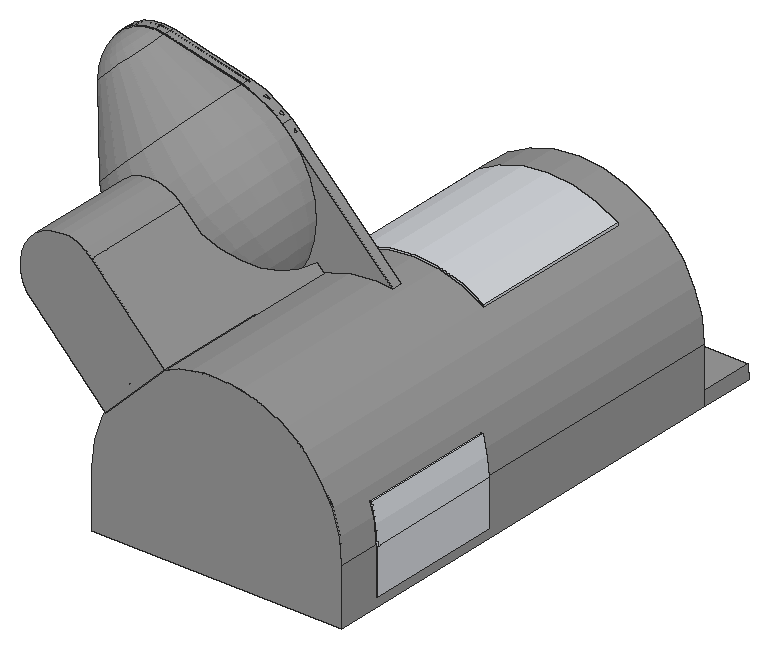
Revit family "Combination-Willoughby-ECW-1806-FA-L-ON", category Plumbing Fixtures, Revit 2015
Parameters (values of type "Standard")
  Waste DIA = 2 3/8"
  Waste Connection = yes
  W-RAD [instance] = Waste DIA / 2  # 0' - 1 3/16"
  URL = "https://www.willoughby-ind.com/wp-content/uploads/2018/04/1806-FA.pdf"
  Revision = "A"
  Model = "ECW-1806-FA-L-ON-HET"
  Manufacturer = "Willoughby Industries"
  Lav Waste DIA = 1 1/2"
  Lav Waste Connection = yes
  L-RAD [instance] = Lav Waste DIA / 2  # 0' - 0 3/4"
  HW Connection = no
  Flush inlet DIA = 1 1/2"
  Flush Inlet Connection = yes
  Fixture Body = Stainless Steel AISI 304-Willoughby
  F-RAD [instance] = Flush inlet DIA / 2  # 0' - 0 3/4"
  Description = "1806 Front Access Combination Unit, Wall toilet waste outlet, Left toilet, On Floor mounted"
  Default Elevation = 0' - 0"
  Contact Number = "(800) 428-4065"
  CW Connection = no
Reference planes (in)
  plane 1 "Center (Front/Back)": y = -16.25
  plane 2: z = 0
  plane 3 "Center (Left/Right)": x = 0
  plane 4 "Base": y = -16.25
  plane 5 "Rim hight": y = -1.5
  plane 6 "Seat height": y = -1.25
  plane 7 "Sink HGT": y = 20.25
  plane 8 "Waste offset": x = 0
  plane 9 "Lwaste ht": y = 8
  plane 10 "flush inlet HT": y = 4.25
  plane 11 "Left Sweep": through (12.20051, 0, 16.45051) normal (0.7071, 0, -0.7071)
  plane 12 "Right Sweep": through (-11.84696, 0, 16.09696) normal (0.7071, 0, 0.7071)
  plane 13: through (-55.90549, 0, 60.15549) normal (-0.7071, 0, -0.7071)
  plane 14: x = -6.375
  plane 15: x = 9
  plane 16 "Waste Center Line": z = 4.25
  plane 17: x = -9
Forms (in)
  Extrusion 1, solid, material "Stainless Steel AISI 304-Willoughby" <- "Fixture Body"
    sketch origin (0, -16.25, 0) x (1, 0, 0) y (0, 0, 1)
      loop
        line (9, 0) -> (9, 1.0625) -> (-9, 1.0625) -> (-9, 0) -> (9, 0)
    from -36.5 to -32.5
  Extrusion 2, solid, material "Stainless Steel AISI 304-Willoughby" <- "Fixture Body"
    sketch origin (3.35108, 10.5, 0.89892) x (-0.707107, 0, -0.707107) y (0.707107, 0, -0.707107)
      loop
        arc (6.0079, -24.25317) -> (6.68213, -22.74625) -> (6.9847, -21.12334) r 7
        line (6.9847, -21.12334) -> (6.9847, -9.98237)
        arc (6.9847, -9.98237) -> (0, -12.87552) -> (-6.9847, -9.98237) r 9.87786
        line (-6.9847, -9.98237) -> (-6.9847, -21.12334)
        arc (-6.9847, -21.12334) -> (-6.68213, -22.74625) -> (-6.0079, -24.25317) r 7
        line (-6.0079, -24.25317) -> (-2.96593, -29.1083)
        arc (-2.96593, -29.1083) -> (0, -30.75) -> (2.96593, -29.1083) r 3.5
        line (2.96593, -29.1083) -> (6.0079, -24.25317)
      loop
        arc (4.24214, -22.50332) -> (0, -16.0358) -> (-4.24214, -22.50332) r 4.625
        line (-4.24214, -22.50332) -> (-1.839, -28.03617)
        arc (-1.839, -28.03617) -> (0, -29.25) -> (1.839, -28.03617) r 2
        line (1.839, -28.03617) -> (4.24214, -22.50332)
    from 11.75 to 12.5
  Revolve 3, solid, material "Stainless Steel AISI 304-Willoughby" <- "Fixture Body"
    sketch origin (3.35108, -1.5, 0.89892) x (-0.707107, 0, -0.707107) y (0.707107, 0, -0.707107)
      loop
        line (0, -13.6608) -> (0, -13.9108)
        arc (0, -13.9108) -> (5.9061, -17.39269) -> (5.71903, -24.24621) r 6.75
        line (5.71903, -24.24621) -> (2.75361, -28.97631)
        arc (2.75361, -28.97631) -> (1.57353, -30.09368) -> (0, -30.5) r 3.25
        line (0, -30.5) -> (0, -30.75)
        arc (0, -30.75) -> (1.69499, -30.31219) -> (2.96593, -29.1083) r 3.5
        line (2.96593, -29.1083) -> (6.0079, -24.25317)
        arc (6.0079, -24.25317) -> (6.08879, -17.20729) -> (0, -13.6608) r 7
      axis (0, -13.6608) -> (0, -30.75)
    angle from 0 to -180
  Extrusion 4, solid
    sketch origin (0, 0, 0) x (1, 0, 0) y (0, 1, 0)
      loop
        circle (0, 8) r 0.75
    from 0 to 1
  Extrusion 5, solid
    sketch origin (0, 0, 0) x (1, 0, 0) y (0, 1, 0)
      loop
        circle (-6.375, 4.25) r 0.75
    from 0 to 1
  Extrusion 6, solid, material "Stainless Steel AISI 304-Willoughby" <- "Fixture Body"
    sketch origin (-77.55739, -16.25, -24.30859) x (1, 0, 0) y (0, 0, 1)
      loop
        line (86.55739, 24.30859) -> (86.55739, 28.33218)
        arc (86.55739, 28.33218) -> (77.55739, 37.33218) -> (68.55739, 28.33218) r 9
        line (68.55739, 28.33218) -> (68.55739, 24.30859) -> (86.55739, 24.30859)
    from -32.5 to 0
  Revolve 7, void
    sketch origin (-0.04219, 16.25, -0.04963) x (1, 0, 0) y (0, 0, 1)
      loop
        spline (6.44903, 7.42683) -> (6.2318, 8.59152) -> (5.59494, 9.67683) -> (4.58183, 10.60881) -> (3.26153, 11.32395) -> (1.724, 11.7735) -> (0.07403, 11.92683) -> (-1.57595, 11.7735) -> (-3.11347, 11.32395) -> (-4.43378, 10.60881) -> (-5.44689, 9.67683) -> (-6.08375, 8.59152) -> (-6.30097, 7.42683)
        line (-6.30097, 7.42683) -> (6.44903, 7.42683)
      axis (6.44903, 7.42683) -> (-6.30097, 7.42683)
    angle from 0 to -180
  Extrusion 8, solid, material "Stainless Steel AISI 304-Willoughby" <- "Fixture Body"
    sketch origin (8.54532, -16.25, -35.53935) x (0.707107, 0, 0.707107) y (-0.707107, 0, 0.707107)
      loop
        line (25.09287, 42.44465) -> (25.09287, 49.94465)
        arc (25.09287, 49.94465) -> (22.09287, 52.94465) -> (19.09287, 49.94465) r 3
        line (19.09287, 49.94465) -> (19.09287, 42.44465) -> (25.09287, 42.44465)
    from 0 to -8.02482
  Extrusion 9, solid, material "Stainless Steel AISI 304-Willoughby" <- "Fixture Body"
    sketch origin (3.35876, 0, 0.89124) x (0, 1, 0) y (-0.707107, 0, 0.707107)
      loop
        line (-8.22518, 11.25) -> (-2, 11.25) -> (-2, 13.69664)
        arc (-2, 13.69664) -> (-5.86283, 15.126) -> (-8.22518, 18.5) r 6.90673
        line (-8.22518, 18.5) -> (-8.22518, 11.25)
    from -3 to 3
  Extrusion 10, solid
    sketch origin (1.5, 0, 0) x (1, 0, 0) y (0, 1, 0)
      loop
        circle (0.75, 8) r 0.25
      loop
        circle (-3.75, 8) r 0.25
    from -0.125 to 0
  Extrusion 11, solid
    sketch origin (0, -16.25, 0) x (0, 0, -1) y (-1, 0, 0)
      loop
        line (-0.75, -9) -> (-4.02359, -9)
        arc (-4.02359, -9) -> (-5.4031, -8.89365) -> (-6.75, -8.5771) r 9
        line (-6.75, -8.5771) -> (-6.75, -8.70818)
        arc (-6.75, -8.70818) -> (-5.40264, -9.02019) -> (-4.02359, -9.125) r 9.125
        line (-4.02359, -9.125) -> (-0.75, -9.125) -> (-0.75, -9)
    from 3 to 13
  Extrusion 12, solid
    sketch origin (0, -16.25, 0) x (0, 0, -1) y (-1, 0, 0)
      loop
        line (-0.75, 9) -> (-0.75, 9.125) -> (-4.02359, 9.125)
        arc (-4.02359, 9.125) -> (-5.40264, 9.02019) -> (-6.75, 8.70818) r 9.125
        line (-6.75, 8.70818) -> (-6.75, 8.5771)
        arc (-6.75, 8.5771) -> (-5.4031, 8.89365) -> (-4.02359, 9) r 9
        line (-4.02359, 9) -> (-0.75, 9)
    from 3 to 13
  Extrusion 13, solid
    sketch origin (0, -16.25, 0) x (0, 0, -1) y (-1, 0, 0)
      loop
        arc (-11.65678, 5) -> (-13.14859, 0) -> (-11.65678, -5) r 9.125
        line (-11.65678, -5) -> (-11.50691, -5)
        arc (-11.50691, -5) -> (-13.02359, 0) -> (-11.50691, 5) r 9
        line (-11.50691, 5) -> (-11.65678, 5)
    from 17.75 to 29.75
  Extrusion 14, solid
    sketch origin (0, 0, 0) x (1, 0, 0) y (0, 1, 0)
      loop
        circle (0, -4.75) r 1.1875
    from 0 to 1
Cuts and joins
  Revolve 7 cuts Extrusion 6
  joined: Extrusion 8, Extrusion 9
Lines and regions (in)
  model lines, detail levels coarse+medium
    curve 1: line (-9, -16.25, 0) -> (9, -16.25, 0)
    curve 2: line (9, -16.25, 0) -> (9, -16.25, 1.0625)
    curve 3: line (-9, -16.25, 1.0625) -> (-9, -16.25, 0)
    curve 4: line (9, -16.25, 4.02359) -> (9, -16.25, 1.0625)
    curve 5: line (-9, -16.25, 1.0625) -> (-9, -16.25, 4.02359)
  symbolic lines
    curve 6: line (-12.73689, -8.3348, 0) -> (-12.73689, -16.25, 0)
    curve 7: line (-12.73689, -16.25, 0) -> (-5.0708, -16.25, 0)
    curve 8: line (-5.0708, -16.25, 0) -> (-5.0708, -4.78059, 0)
    curve 9: arc (-5.0708, -4.78059, 0) -> (-4.52539, -3.43237, 0) -> (-4.27347, -2, 0) r 6.92791
    curve 10: line (-4.27347, -2, 0) -> (1.23141, -2, 0)
    curve 11: line (1.23141, -2, 0) -> (1.23141, -1.25, 0)
    curve 12: line (1.23141, -1.25, 0) -> (-19.41758, -1.25, 0)
    curve 13: line (-19.41758, -1.25, 0) -> (-19.41758, -2, 0)
    curve 14: arc (-19.41758, -2, 0) -> (-19.04804, -3.07433, 0) -> (-18.3961, -4.00476, 0) r 4.07249
    curve 15: line (-18.3961, -4.00476, 0) -> (-16.43182, -6.18631, 0)
    curve 16: arc (-16.43182, -6.18631, 0) -> (-14.7528, -7.55025, 0) -> (-12.73689, -8.3348, 0) r 6.98205
    curve 17: arc (-12.73689, -8.3348, 0) -> (-11.48689, -8.35704, 0) -> (-10.23689, -8.3348, 0) r 35.14256
    curve 18: arc (-5.0708, -4.78059, 0) -> (-7.21075, -7.20173, 0) -> (-10.23689, -8.3348, 0) r 6.67831
    curve 19: line (-9, 20.25, 0) -> (-9, -16.25, 0)
    curve 20: line (9, -16.25, 0) -> (9, 20.25, 0)
    curve 21: line (9, 20.25, 0) -> (-9, 20.25, 0)
    curve 22: line (-9, 16.25, 0) -> (9, 16.25, 0)
    curve 23: line (9, -16.25, 0) -> (9, -16.25, 4.02359)
    curve 24: arc (9, -16.25, 4.02359) -> (0, -16.25, 13.02359) -> (-9, -16.25, 4.02359) r 9
    curve 25: line (-9, -16.25, 4.02359) -> (-9, -16.25, 0)
    curve 26: line (-9, -16.25, 0) -> (9, -16.25, 0)
    curve 30: line (1.18226, -16.25, 12.9456) -> (-6.64645, -16.25, 20.77431)
    curve 31: arc (-6.64645, -16.25, 20.77431) -> (-7.98233, -16.25, 21.75682) -> (-9.55027, -16.25, 22.29672) r 5.50263
    curve 32: line (-9.55027, -16.25, 22.29672) -> (-15.13436, -16.25, 23.57882)
    curve 33: arc (-15.13436, -16.25, 23.57882) -> (-16.88434, -16.25, 23.53141) -> (-18.39245, -16.25, 22.64245) r 3.5
    curve 34: arc (-18.39245, -16.25, 22.64245) -> (-19.28141, -16.25, 21.13434) -> (-19.32882, -16.25, 19.38436) r 3.5
    curve 35: line (-19.32882, -16.25, 19.38436) -> (-18.08122, -16.25, 13.94373)
    curve 36: arc (-18.04672, -16.25, 13.80027) -> (-17.2296, -16.25, 11.85541) -> (-15.87017, -16.25, 10.24231) r 7
    curve 37: line (-15.87017, -16.25, 10.24231) -> (-9, -16.25, 3.37214)
    curve 43: line (0, -16.25, 0) -> (0, 20.25, 0)
    curve 44: line (0, 20.25, 0) -> (0, 20.25, 1.0625)
    curve 45: line (0, 20.25, 1.0625) -> (0, 16.25, 1.0625)
    curve 46: line (0, 16.25, 1.0625) -> (0, 16.25, 13.02359)
    curve 47: line (0, 16.25, 13.02359) -> (0, -16.25, 13.02359)
    curve 48: line (0, -16.25, 13.02359) -> (0, -16.25, 0)
    curve 49: line (0, -2, 3.5) -> (0, -1.25, 3.5)
    curve 50: line (0, -1.25, 3.5) -> (0, -1.25, 23.66758)
    curve 51: line (0, -1.25, 23.66758) -> (0, -2, 23.66758)
    curve 52: arc (0, -2, 23.66758) -> (0, -3.1086, 23.27415) -> (0, -4.05468, 22.57509) r 3.99747
    curve 53: line (0, -4.05468, 22.57509) -> (0, -6.57919, 20.30201)
    curve 54: arc (0, -6.57919, 20.30201) -> (0, -7.69261, 18.77046) -> (0, -8.3397, 16.99096) r 6.78844
    curve 55: line (0, -8.3397, 16.99096) -> (0, -16.25, 16.99096)
    curve 56: line (0, -16.25, 16.99096) -> (0, -16.25, 9.37571)
    curve 57: arc (0, -2, 8.52359) -> (0, -3.4683, 8.78493) -> (0, -4.84202, 9.36551) r 6.68023
    curve 58: arc (0, -4.84202, 9.36551) -> (0, -7.13635, 11.40679) -> (0, -8.36873, 14.21961) r 7.18462
    curve 59: line (0, -8.36873, 14.21961) -> (0, -8.36873, 16.96961)
    curve 60: line (0, -2, 8.52359) -> (0, -2, 3.5)
    curve 61: line (0, -16.25, 9.37571) -> (0, -4.86012, 9.37571)
  symbolic lines, detail levels medium+fine
    curve 27: line (9, -16.25, 1.0625) -> (-9, -16.25, 1.0625)
  symbolic lines, detail levels fine
    curve 28: spline (6.40684, -16.25, 7.3772) -> (6.18962, -16.25, 6.21252) -> (5.55275, -16.25, 5.1272) -> (4.53965, -16.25, 4.19522) -> (3.21934, -16.25, 3.48009) -> (1.68181, -16.25, 3.03054) -> (0.03184, -16.25, 2.8772) -> (-1.61813, -16.25, 3.03054) -> (-3.15566, -16.25, 3.48009) -> (-4.47597, -16.25, 4.19522) -> (-5.48907, -16.25, 5.1272) -> (-6.12594, -16.25, 6.21252) -> (-6.34316, -16.25, 7.3772)
    curve 29: spline (-6.34316, -16.25, 7.3772) -> (-6.12594, -16.25, 8.54189) -> (-5.48907, -16.25, 9.6272) -> (-4.47597, -16.25, 10.55918) -> (-3.15566, -16.25, 11.27432) -> (-1.61813, -16.25, 11.72387) -> (0.03184, -16.25, 11.8772) -> (1.68181, -16.25, 11.72387) -> (3.21934, -16.25, 11.27432) -> (4.53965, -16.25, 10.55918) -> (5.55275, -16.25, 9.6272) -> (6.18962, -16.25, 8.54189) -> (6.40684, -16.25, 7.3772)
    curve 38: line (-9.56153, -16.25, 19.81081) -> (-15.17311, -16.25, 22.02386)
    curve 39: arc (-15.17311, -16.25, 22.02386) -> (-16.36379, -16.25, 22.11346) -> (-17.39646, -16.25, 21.51402) r 2.01679
    curve 40: arc (-17.39646, -16.25, 21.51402) -> (-17.88904, -16.25, 20.52341) -> (-17.77386, -16.25, 19.42311) r 1.9818
    curve 41: line (-17.77386, -16.25, 19.42311) -> (-15.56081, -16.25, 13.81153)
    curve 42: arc (-15.56081, -16.25, 13.81153) -> (-7.98794, -16.25, 12.23794) -> (-9.56153, -16.25, 19.81081) r 4.625
Dimensions and locks (in)
  locked: plane 6 "Seat height" to plane 5 "Rim hight" at 0.25
  plane 6 "Seat height" to plane 4 "Base" = 1' - 3"  (x2)
  locked: Extrusion 2 to Extrusion 2 at 0.75
  locked: plane 9 "Lwaste ht" to plane 4 "Base" at 24.25
  locked: plane 10 "flush inlet HT" to plane 4 "Base" at 20.5
  locked: cut or joined group of Extrusion 6, Revolve 7 to cut or joined group of Extrusion 6, Revolve 7 at 18
  locked: plane 16 "Waste Center Line" to level at 4.25
  plane 10 "flush inlet HT" to plane 1 "Center (Front/Back)" = 1' - 8 1/2"
  plane 9 "Lwaste ht" to plane 1 "Center (Front/Back)" = 2' - 0 1/4"
  locked: plane 3 "Center (Left/Right)" to plane 15 at 9
  locked: Extrusion 1 to plane 15 at 18
  plane 4 "Base" to plane 7 "Sink HGT" = 3' - 0 1/2"
  cut or joined group of Extrusion 6, Revolve 7 to plane 4 "Base" = 2' - 8 1/2"
  plane 17 to plane 14 = 0' - 2 5/8"
  "L-RAD": radius of Extrusion 4 sketch curve
  "F-RAD": radius of Extrusion 5 sketch curve
  radius of cut or joined group of Extrusion 6, Revolve 7 = 0' - 9"
  aligned and locked: Extrusion 1 to plane 7 "Sink HGT"
  aligned and locked: plane 9 "Lwaste ht" to Extrusion 4 sketch curve
  aligned and locked: Extrusion 4 sketch curve to plane 8 "Waste offset"
  aligned and locked: plane 10 "flush inlet HT" to Extrusion 5 sketch curve
  aligned and locked: Extrusion 2 to plane 6 "Seat height"
  aligned and locked: Revolve 3 to plane 5 "Rim hight"
  aligned and locked: Revolve 7 sketch curve to Revolve 7 sketch curve
  aligned and locked: plane 14 to Extrusion 5 sketch curve
  aligned and locked: curve 4 to cut or joined group of Extrusion 6, Revolve 7
  aligned and locked: cut or joined group of Extrusion 6, Revolve 7 to curve 5
  aligned and locked: plane 15 to cut or joined group of Extrusion 6, Revolve 7
  aligned and locked: plane 1 "Center (Front/Back)" to Extrusion 6
  aligned and locked: Extrusion 6 to plane 15
  aligned and locked: Extrusion 6 to curve 1
  aligned and locked: cut or joined group of Extrusion 6, Revolve 7 to Extrusion 1
  aligned and locked: plane 17 to cut or joined group of Extrusion 6, Revolve 7
  aligned and locked: Extrusion 6 to level
  aligned and locked: Extrusion 1 to level
  aligned and locked: Extrusion 1 to plane 15
  aligned and locked: Extrusion 8 to Extrusion 9
Automatic sketch dimensions
  plane 6 "Seat height" to curve 13 = 0' - 0"
  plane 1 "Center (Front/Back)" to curve 7 = 0' - 0"
  curve 22 to plane 17 = 0' - 0"
  plane 7 "Sink HGT" to curve 20 = 0' - 0"
  curve 20 to plane 15 = 0' - 0"
  plane 1 "Center (Front/Back)" to curve 20 = 0' - 0"
  plane 5 "Rim hight" to curve 18 = 0' - 0.19978"
  plane 17 to curve 18 = 0' - 1.99604"
  plane 5 "Rim hight" to curve 9 = 0' - 0.02278"
  curve 9 to curve 18 = 0' - 0.18889"
  plane 5 "Rim hight" to curve 16 = 0' - 0.01441"
  curve 16 to curve 9 = 0' - 0.05822"
  plane 17 to curve 17 = 0' - 2.48689"
  plane 17 to curve 6 = 0' - 3.73689"
  curve 14 to plane 6 "Seat height" = 0' - 0.02455"
  curve 14 to curve 16 = 0' - 4.17628"
  curve 15 to curve 17 = 0' - 3.69493"
  plane 5 "Rim hight" to curve 15 = 0' - 2.50476"
  curve 15 to curve 16 = 0' - 1.96428"
  curve 12 to curve 14 = 0' - 1.02148"
  plane 14 to curve 8 = 0' - 1.3042"
  plane 5 "Rim hight" to curve 10 = 0' - 0 1/2"
  curve 18 to curve 10 = 0' - 0.79732"
  plane 3 "Center (Left/Right)" to curve 11 = 0' - 1.23141"
  curve 6 to curve 18 = 0' - 6.63503"
  curve 17 to plane 7 "Sink HGT" = 0' - 6.53552"
  plane 7 "Sink HGT" to curve 22 = 0' - 4"
  curve 43 to level = 0' - 0"
  curve 43 to plane 1 "Center (Front/Back)" = 0' - 0"
  curve 61 to plane 1 "Center (Front/Back)" = 0' - 0"
  curve 51 to plane 6 "Seat height" = 0' - 0"
  curve 45 to plane 7 "Sink HGT" = 0' - 0"
  plane 5 "Rim hight" to curve 59 = 0' - 6.86873"
  curve 59 to curve 55 = 0' - 0.02903"
  curve 54 to curve 53 = 0' - 1.76052"
  plane 5 "Rim hight" to curve 53 = 0' - 2 71/128"
  plane 5 "Rim hight" to curve 51 = 0' - 0 1/2"
  plane 5 "Rim hight" to curve 60 = 0' - 0 1/2"
  plane 5 "Rim hight" to curve 54 = 0' - 0.19877"
  plane 5 "Rim hight" to curve 57 = 0' - 0.07085"
  plane 6 "Seat height" to curve 58 = 0' - 0.07386"
  curve 52 to plane 6 "Seat height" = 0' - 0.0181"
  plane 7 "Sink HGT" to curve 46 = 0' - 4"
  level to curve 45 = 0' - 1 1/16"
  curve 49 to plane 16 "Waste Center Line" = 0' - 0 3/4"
  plane 16 "Waste Center Line" to curve 60 = 0' - 4.27359"
  plane 16 "Waste Center Line" to curve 61 = 0' - 5.12571"
  plane 16 "Waste Center Line" to curve 47 = 0' - 8.77359"
  curve 61 to curve 59 = 0' - 4.8439"
  curve 57 to curve 57 = 0' - 6.66643"
  curve 57 to curve 54 = 0' - 0.39346"
  curve 54 to curve 58 = 0' - 0.04633"
  curve 47 to curve 55 = 0' - 3.96737"
  curve 58 to curve 52 = 0' - 4.11479"
  curve 54 to curve 53 = 0' - 2.27307"
  curve 59 to curve 55 = 0' - 0.02134"
  curve 1 to level = 0' - 0"
  level to curve 2 = 0' - 1 1/16"
  level to curve 5 = 0' - 1 1/16"
  curve 5 to plane 16 "Waste Center Line" = 0' - 0.22641"
  curve 4 to plane 16 "Waste Center Line" = 0' - 0.22641"
  Extrusion 1 sketch curve to level = 0' - 0"
  plane 17 to Extrusion 1 sketch curve = 0' - 0"
  plane 15 to Extrusion 1 sketch curve = 0' - 0"
  level to Extrusion 1 sketch curve = 0' - 1 1/16"
  Extrusion 2 sketch curve to Extrusion 2 sketch curve = 0' - 0"  (x8)
  Extrusion 2 sketch curve to plane 12 "Right Sweep" = 0' - 0"  (x3)
  plane 12 "Right Sweep" to Extrusion 2 sketch curve = 0' - 1.839"
  Extrusion 2 sketch curve to Extrusion 2 sketch curve = 0' - 1.12693"  (x2)
  plane 12 "Right Sweep" to Extrusion 2 sketch curve = 0' - 4.24214"
  Extrusion 2 sketch curve to Extrusion 2 sketch curve = 0' - 1.76576"  (x2)
  Extrusion 2 sketch curve to Extrusion 2 sketch curve = 0' - 2.74256"
  Extrusion 2 sketch curve to plane 12 "Right Sweep" = 0' - 1.839"
  Extrusion 2 sketch curve to plane 12 "Right Sweep" = 0' - 4.24214"
  Extrusion 2 sketch curve to plane 11 "Left Sweep" = 0' - 5.24322"
  Extrusion 2 sketch curve to plane 12 "Right Sweep" = 0' - 6.9847"
  Extrusion 2 sketch curve to Extrusion 2 sketch curve = 0' - 10.67843"
  Extrusion 2 sketch curve to Extrusion 2 sketch curve = 0' - 0.46255"  (x2)
  Extrusion 2 sketch curve to Extrusion 2 sketch curve = 0' - 1.74985"
  Extrusion 2 sketch curve to Extrusion 2 sketch curve = 0' - 4.74668"
  Extrusion 2 sketch curve to Extrusion 2 sketch curve = 0' - 0.78617"
  Extrusion 2 sketch curve to Extrusion 2 sketch curve = 0' - 1.07212"
  plane 11 "Left Sweep" to Extrusion 2 sketch curve = 0' - 1.74148"
  Revolve 3 sketch curve to Revolve 3 sketch curve = 0' - 0"  (x2)
  Revolve 3 sketch curve to plane 12 "Right Sweep" = 0' - 0"  (x3)
  plane 12 "Right Sweep" to Revolve 3 sketch curve = 0' - 0"
  Revolve 3 sketch curve to plane 12 "Right Sweep" = 0' - 2.75361"
  Revolve 3 sketch curve to Revolve 3 sketch curve = 0' - 0.21232"
  Revolve 3 sketch curve to Revolve 3 sketch curve = 0' - 2.96542"
  Revolve 3 sketch curve to Revolve 3 sketch curve = 0' - 0.28887"
  Revolve 3 sketch curve to plane 11 "Left Sweep" = 2' - 2.01086"
  Revolve 3 sketch curve to Revolve 3 sketch curve = 0' - 0 1/4"
  Revolve 3 sketch curve to Revolve 3 sketch curve = 0' - 1.3917"
  Revolve 3 sketch curve to Revolve 3 sketch curve = 0' - 0.13199"
  Revolve 3 sketch curve to Revolve 3 sketch curve = 0' - 4.85513"
  Revolve 3 sketch curve to Revolve 3 sketch curve = 0' - 0.00696"
  Revolve 3 sketch curve to Revolve 3 sketch curve = 0' - 6.5892"
  Revolve 3 sketch curve to Revolve 3 sketch curve = 0' - 3 1/4"
  Revolve 3 sketch curve to Revolve 3 sketch curve = 0' - 2.4108"
  Extrusion 6 sketch curve to level = 0' - 0"
  plane 17 to Extrusion 6 sketch curve = 0' - 0"
  Extrusion 6 sketch curve to plane 3 "Center (Left/Right)" = 0' - 0"
  Extrusion 6 sketch curve to plane 16 "Waste Center Line" = 0' - 0.22641"
  plane 14 to Revolve 7 sketch curve = 0' - 0.03184"
  plane 15 to Revolve 7 sketch curve = 0' - 2.59316"
  plane 16 "Waste Center Line" to Revolve 7 sketch curve = 0' - 3.1272"
  plane 17 to Revolve 7 sketch curve = 0' - 2.46816"
  Revolve 7 sketch curve to Revolve 7 sketch curve = 0' - 0 7/8"
  plane 5 "Rim hight" to Extrusion 9 sketch curve = 0' - 6.72518"
  plane 5 "Rim hight" to Extrusion 9 sketch curve = 0' - 0 1/2"
  plane 5 "Rim hight" to Extrusion 9 sketch curve = 0' - 0.14358"
  Extrusion 9 sketch curve to plane 11 "Left Sweep" = 0' - 6 1/2"
  Extrusion 9 sketch curve to Extrusion 9 sketch curve = 0' - 2.44664"
  Extrusion 9 sketch curve to Extrusion 9 sketch curve = 0' - 7 1/4"
  curve 33 to curve 34 = 0' - 0"  (x2)
  curve 36 to curve 42 = 0' - 0"  (x2)
  curve 33 to plane 12 "Right Sweep" = 0' - 0"
  curve 34 to plane 12 "Right Sweep" = 0' - 0"
  curve 36 to plane 12 "Right Sweep" = 0' - 0"
  plane 17 to curve 25 = 0' - 0"
  plane 15 to curve 24 = 0' - 0"
  curve 26 to level = 0' - 0"
  curve 23 to plane 16 "Waste Center Line" = 0' - 0.22641"
  plane 16 "Waste Center Line" to curve 37 = 0' - 5.99231"
  curve 41 to curve 36 = 0' - 3.56922"
  plane 17 to curve 42 = 0' - 2.25831"
  curve 31 to curve 36 = 0' - 1.37505"
  curve 35 to curve 41 = 0' - 5.57284"
  curve 41 to curve 35 = 0' - 0.03875"
  plane 17 to curve 38 = 0' - 0.56153"
  curve 38 to curve 31 = 0' - 2.92746"
  curve 39 to curve 40 = 0' - 0.72458"
  curve 33 to curve 39 = 0' - 0.01989"
  curve 40 to curve 33 = 0' - 0.00382"
  curve 30 to plane 14 = 0' - 0.27145"
  curve 30 to curve 42 = 0' - 0.96349"
  plane 17 to curve 38 = 0' - 6.17311"
  curve 38 to curve 33 = 0' - 1.85628"
  plane 17 to curve 32 = 0' - 0.55027"
  curve 32 to curve 38 = 0' - 2.48591"
  plane 17 to curve 32 = 0' - 6.13436"
  curve 32 to curve 39 = 0' - 1.55496"
  curve 41 to curve 37 = 0' - 0.30935"
  curve 39 to curve 33 = 0' - 0.00456"
  curve 33 to curve 40 = 0' - 0.02118"
  curve 41 to curve 35 = 0' - 1.55496"
  curve 27 to curve 25 = 0' - 1 1/16"
  curve 24 to curve 37 = 0' - 0.65145"
  plane 16 "Waste Center Line" to curve 28 = 0' - 3.1272"
  plane 3 "Center (Left/Right)" to curve 30 = 0' - 1.18226"
  curve 41 to curve 36 = 0' - 0.01125"
  curve 35 to curve 36 = 0' - 0.14346"
  plane 15 to curve 28 = 0' - 2.59316"
  plane 3 "Center (Left/Right)" to curve 28 = 0' - 0.03184"
  curve 36 to curve 35 = 0' - 0.03449"
  Extrusion 10 sketch curve to plane 9 "Lwaste ht" = 0' - 0"  (x2)
  Extrusion 10 sketch curve to plane 3 "Center (Left/Right)" = 0' - 2 1/4"
  plane 3 "Center (Left/Right)" to Extrusion 10 sketch curve = 0' - 2 1/4"
  Extrusion 11 sketch curve to Extrusion 11 sketch curve = 0' - 0"  (x2)
  plane 15 to Extrusion 11 sketch curve = 0' - 0"
  Extrusion 11 sketch curve to plane 3 "Center (Left/Right)" = 0' - 0"
  plane 15 to Extrusion 11 sketch curve = 0' - 0.29182"
  plane 16 "Waste Center Line" to Extrusion 11 sketch curve = 0' - 2 1/2"
  Extrusion 11 sketch curve to plane 16 "Waste Center Line" = 0' - 0.22641"
  level to Extrusion 11 sketch curve = 0' - 0 3/4"
  Extrusion 12 sketch curve to Extrusion 12 sketch curve = 0' - 0"  (x2)
  plane 17 to Extrusion 12 sketch curve = 0' - 0"
  Extrusion 12 sketch curve to plane 3 "Center (Left/Right)" = 0' - 0"
  plane 17 to Extrusion 12 sketch curve = 0' - 0.29182"
  Extrusion 12 sketch curve to plane 16 "Waste Center Line" = 0' - 2 1/2"
  plane 16 "Waste Center Line" to Extrusion 12 sketch curve = 0' - 0.22641"
  Extrusion 12 sketch curve to level = 0' - 0 3/4"
  Extrusion 13 sketch curve to plane 3 "Center (Left/Right)" = 0' - 0"
  Extrusion 13 sketch curve to plane 16 "Waste Center Line" = 0' - 0.22641"
  plane 14 to Extrusion 13 sketch curve = 0' - 1 3/8"
  Extrusion 13 sketch curve to Extrusion 13 sketch curve = 0' - 0"  (x2)
  Extrusion 13 sketch curve to Extrusion 13 sketch curve = 0' - 0.14988"  (x2)
  plane 16 "Waste Center Line" to Extrusion 13 sketch curve = 0' - 7.25691"
  Extrusion 8 sketch curve to plane 12 "Right Sweep" = 0' - 0"
  plane 12 "Right Sweep" to Extrusion 8 sketch curve = 0' - 3"
  Extrusion 8 sketch curve to plane 11 "Left Sweep" = 0' - 8.26687"
  Extrusion 8 sketch curve to Extrusion 8 sketch curve = 0' - 7 1/2"
  Extrusion 14 sketch curve to plane 3 "Center (Left/Right)" = 0' - 0"
  plane 5 "Rim hight" to Extrusion 14 sketch curve = 0' - 3 1/4"
  radius of Extrusion 10 sketch curve = 0' - 0 1/4"  (x2)
  radius of Extrusion 14 sketch curve = 0' - 1 3/16"
Connectors (in)
  piping at (0, 8, 1), diameter 1.5, driven by "L-RAD", driven by "Lav Waste Connection"
    settings: on Extrusion 4, index 2, connector inside diameter 1 1/2", connector length 0' - 0", flow factor 0, pipe flow 0 GPM, pressure drop 0.00 psi, fitting loss kfactor 0, connector angle 0.00°, fixture units 0, engagement length 0' - 0", angle of deflection 0.00°, flow configuration 3, flow direction 2, fitting loss method 0, system type 16, joint type 0, gender type 0, connector reference index -1, connector utility 1, adjustable connector yes, is connector primary yes, connector description "Sink Waste"
  piping at (-6.375, 4.25, 1), diameter 1.5, driven by "F-RAD", driven by "Flush Inlet Connection"
    settings: on Extrusion 5, index 3, connector inside diameter 1 1/2", connector length 0' - 0", flow factor 0, pipe flow 0 GPM, pressure drop 0.00 psi, fitting loss kfactor 0, connector angle 0.00°, fixture units 0, engagement length 0' - 0", angle of deflection 0.00°, flow configuration 3, flow direction 1, fitting loss method 0, system type 20, joint type 0, gender type 0, connector reference index -1, connector utility 1, adjustable connector yes, is connector primary no, connector description "Flushing Inlet"
  piping at (0, -4.75, 1), diameter 2.375, driven by "W-RAD"
    settings: on Extrusion 14, index 4, connector inside diameter 24", connector length 0' - 0", flow factor 0, pipe flow 0 GPM, pressure drop 0.00 psi, fitting loss kfactor 0, connector angle 0.00°, fixture units 0, engagement length 0' - 0", angle of deflection 0.00°, flow configuration 0, flow direction 0, fitting loss method 0, system type 7, joint type 0, gender type 0, connector reference index -1, connector utility 0, adjustable connector no, is connector primary no, connector description ""
  piping at (-2.25, 8, 0), diameter 0.5
    settings: on Extrusion 10, index 5, connector inside diameter 24", connector length 0' - 0", flow factor 0, pipe flow 0 GPM, pressure drop 0.00 psi, fitting loss kfactor 0, connector angle 0.00°, fixture units 0, engagement length 0' - 0", angle of deflection 0.00°, flow configuration 0, flow direction 0, fitting loss method 0, system type 19, joint type 0, gender type 0, connector reference index -1, connector utility 0, adjustable connector no, is connector primary no, connector description ""
  piping at (2.25, 8, 0), diameter 0.5
    settings: on Extrusion 10, index 6, connector inside diameter 24", connector length 0' - 0", flow factor 0, pipe flow 0 GPM, pressure drop 0.00 psi, fitting loss kfactor 0, connector angle 0.00°, fixture units 0, engagement length 0' - 0", angle of deflection 0.00°, flow configuration 0, flow direction 0, fitting loss method 0, system type 20, joint type 0, gender type 0, connector reference index -1, connector utility 0, adjustable connector no, is connector primary no, connector description ""
